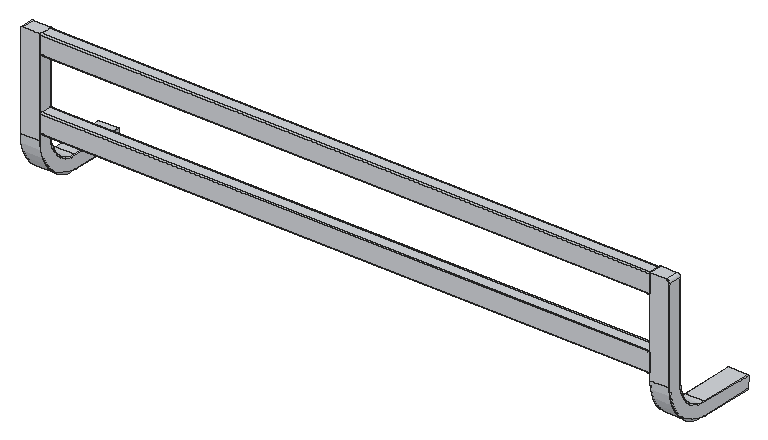
Revit family "Accessory-Towel_Bar-KOHLER-LOURE-K-11582T", category Specialty Equipment, host Face, Revit 2017
Family settings
  Host = Face
  Round Connector Dimension = Use Diameter
  Part Type = Normal
  OmniClass Number = 23.31.25.00
  OmniClass Title = Toilet and Bath Specialties
  Cut with Voids When Loaded = No
  Shared = No
  Room Calculation Point = No
Parameters (values of type "CP-Polished Chrome")
  Width = 5 3/8"  # constant formula
  WaterSense Certified = 1 = 0  # no
  URL = "http://www.kohler.com.cn/en/"
  Type = 1
  Product Page URL = "http://www.kohler.com.cn/product/K-11582T-CP/K-11582T-CP/"
  Product Name = "Loure"  # constant formula
  Product Documentation Link = "http://files.kohler.com.cn/pdfs/loure_acc_ins.pdf"
  Model = if(Type = 1, "K-11582T-CP", if(Type = 2, "K-11582T-2BL", "NA"))  # "K-11582T-CP"
  Material = "Premium Metal Construction"  # constant formula
  Master Format 2014 Name = "Toilet, Bath, and Laundry Accessories"  # constant formula
  Master Format 2014 = "10 28 00"  # constant formula
  Manufacturer Address = "158 Jiangchang 3rd Road Zhabei District Shanghai, 200436 China"  # constant formula
  Manufacturer = "KOHLER Co."  # constant formula
  Length = 24"  # constant formula
  Height = 3 3/4"  # constant formula
  Finish = Kohler-Metal-CP-Polished_Chrome
  Environmental Product Declaration = ""
  Description = "24 "  # constant formula
  Default Elevation = 42"
  Declare Label = ""
  Date Modified = "06/08/2020"  # constant formula
  Date Created = "06/08/2020"  # constant formula
  Copyright = "Copyright KOHLER Co."  # constant formula
  Contact Us = "http://www.kohler.com.cn/en/contact/contact-us/"
  Assembly Code = "C1030200"
  ADA Compliant = 1 = 0  # no
Types (3): name | Type | Product Page URL | Model | Finish
  (no name) | 1 | "http://www.kohler.com.cn/product/K-11582T-CP/K-11582T-CP/" | "K-11582T-CP" | Kohler-Metal-CP-Polished_Chrome
  CP-Polished Chrome | 1 | "http://www.kohler.com.cn/product/K-11582T-CP/K-11582T-CP/" | "K-11582T-CP" | Kohler-Metal-CP-Polished_Chrome
  2BL-Original Black | 2 | "http://www.kohler.com.cn/product/K-11582T-CP/K-11582T-2BL/" | "K-11582T-2BL" | Kohler-Metal-2BL-Original_Black
Reference planes (in)
  plane 1 "Center (Front/Back)": y = 0
  plane 2: z = 0
  plane 3 "Center (Left/Right)": x = 0
  plane 4: x = -12
  plane 5: x = -11.60737
  plane 6: x = -12.37479
  plane 7: x = 12
  plane 8: x = 11.60737
  plane 9: x = 12.37479
  plane 10: y = 3.75
  plane 11: z = 5.375
  plane 12: z = 2.68012
Dimensions and locks (in)
  plane 1 "Center (Front/Back)" to plane 10 = 3 3/4"
  "Length": plane 4 to plane 7
  "Width": plane 11 to level
  "Height": plane 10 to plane 1 "Center (Front/Back)"
  aligned and locked: plane 2 to host face
  aligned and locked: level to host face
Automatic sketch dimensions
  host sketch curve to host sketch curve = 96"  (x2)
Nested families (in)
  nested 1: "K-11582T" at (0, 0, 0), type "K-11582T"
Definition of nested family "K-11582T"
  Parameters (values of type "K-11582T")
    Material = none
    Length = 24.74958"
  Reference planes (in)
    plane 1 "Center (Front/Back)": y = 0
    plane 2: z = 0
    plane 3 "Center (Left/Right)": x = 0
    plane 4: z = 5.375
    plane 5: x = -12
    plane 6: x = 12
    plane 7: y = 3.75
    plane 8: x = -12.37479
    plane 9: x = 12.37479
    plane 10: x = -11.60737
    plane 11: x = 11.60737
    plane 12: z = 0.50394
  Forms (in)
    Sweep 1, solid, material <- "Material", detail levels medium+fine
      path origin (0, 0, 0) x (0, 1, 0) y (0, 0, 1)
        loop
          line (3.75, 0.25197) -> (1.69291, 0.25197)
          arc (1.69291, 0.25197) -> (0.67401, 0.67401) -> (0.25197, 1.69291) r 1.44094
          line (0.25197, 1.69291) -> (0.25197, 5.375)
      profile origin (0, 2.72146, 0.25197) x (0, 0, -1) y (1, 0, 0)
        loop
          line (-0.25195, -11.62817) -> (-0.25195, -12.35439)
          arc (-0.25195, -12.35439) -> (-0.24598, -12.36881) -> (-0.23155, -12.37479) r 0.0204
          line (-0.23155, -12.37479) -> (0.23138, -12.37479)
          arc (0.23138, -12.37479) -> (0.24594, -12.36876) -> (0.25197, -12.3542) r 0.02059
          line (0.25197, -12.3542) -> (0.25197, -11.6273)
          arc (0.25197, -11.6273) -> (0.24613, -11.61321) -> (0.23203, -11.60737) r 0.01994
          line (0.23203, -11.60737) -> (-0.23115, -11.60737)
          arc (-0.23115, -11.60737) -> (-0.24586, -11.61346) -> (-0.25195, -11.62817) r 0.0208
    Extrusion 2, void
      sketch origin (0.03793, 0, -0.0187) x (1, 0, 0) y (0, 0, 1)
        loop
          line (-12.29565, 5.3937) -> (-12.29565, 5.47754) -> (-12.52025, 5.47754) -> (-12.52025, 5.27663) -> (-12.41272, 5.27663)
          arc (-12.41272, 5.27663) -> (-12.37843, 5.35941) -> (-12.29565, 5.3937) r 0.11707
      from -0.5823 to 0.0472
    Sweep 3, solid, material <- "Material", detail levels medium+fine
      path origin (0, 0, 0) x (1, 0, 0) y (0, 1, 0)
        loop
          line (-11.60728, 0.25156) -> (11.60728, 0.25156)
      profile origin (0, 0.25156, 0) x (0, 1, 0) y (0, 0, 1)
        loop
          arc (0.21844, 4.625) -> (0.23965, 4.63379) -> (0.24844, 4.655) r 0.03
          line (0.24844, 4.655) -> (0.24844, 5.345)
          arc (0.24844, 5.345) -> (0.23965, 5.36621) -> (0.21844, 5.375) r 0.03
          line (0.21844, 5.375) -> (-0.22156, 5.375)
          arc (-0.22156, 5.375) -> (-0.24277, 5.36621) -> (-0.25156, 5.345) r 0.03
          line (-0.25156, 5.345) -> (-0.25156, 4.655)
          arc (-0.25156, 4.655) -> (-0.24277, 4.63379) -> (-0.22156, 4.625) r 0.03
          line (-0.22156, 4.625) -> (0.21844, 4.625)
    Sweep 4, solid, material <- "Material", detail levels medium+fine
      path origin (12.00437, 0, 0) x (0, 0, -1) y (0, -1, 0)
        loop
          line (-0.25197, -3.75) -> (-0.25197, -1.69291)
          arc (-0.25197, -1.69291) -> (-0.67401, -0.67401) -> (-1.69291, -0.25197) r 1.44094
          line (-1.69291, -0.25197) -> (-5.375, -0.25197)
      profile origin (12.00437, 2.72146, 0.25197) x (0, 0, -1) y (1, 0, 0)
        loop
          arc (-0.25197, -0.37668) -> (-0.24599, -0.3911) -> (-0.23157, -0.39708) r 0.0204
          line (-0.23157, -0.39708) -> (0.23209, -0.39708)
          arc (0.23209, -0.39708) -> (0.24613, -0.39126) -> (0.25195, -0.37722) r 0.01986
          line (0.25195, -0.37722) -> (0.25195, 0.35082)
          arc (0.25195, 0.35082) -> (0.24621, 0.36468) -> (0.23235, 0.37042) r 0.0196
          line (0.23235, 0.37042) -> (-0.2319, 0.37042)
          arc (-0.2319, 0.37042) -> (-0.24609, 0.36454) -> (-0.25197, 0.35035) r 0.02007
          line (-0.25197, 0.35035) -> (-0.25197, -0.37668)
    Extrusion 5, void
      sketch origin (-0.03793, 0, -0.0187) x (1, 0, 0) y (0, 0, 1)
        loop
          line (12.41272, 5.27608) -> (12.52138, 5.27608) -> (12.52138, 5.49718) -> (12.29509, 5.49718) -> (12.29509, 5.3937)
          arc (12.29509, 5.3937) -> (12.37827, 5.35925) -> (12.41272, 5.27608) r 0.11762
      from -0.60909 to 0.17111
    Sweep 6, solid, material <- "Material", detail levels medium+fine
      path origin (0, 0, -2.71358) x (1, 0, 0) y (0, 1, 0)
        loop
          line (-11.60728, 0.25156) -> (11.60728, 0.25156)
      profile origin (0, 0.25156, -2.71358) x (0, 1, 0) y (0, 0, 1)
        loop
          arc (0.21844, 4.6437) -> (0.23965, 4.65249) -> (0.24844, 4.6737) r 0.03
          line (0.24844, 4.6737) -> (0.24844, 5.3637)
          arc (0.24844, 5.3637) -> (0.23965, 5.38491) -> (0.21844, 5.3937) r 0.03
          line (0.21844, 5.3937) -> (-0.22156, 5.3937)
          arc (-0.22156, 5.3937) -> (-0.24277, 5.38491) -> (-0.25156, 5.3637) r 0.03
          line (-0.25156, 5.3637) -> (-0.25156, 4.6737)
          arc (-0.25156, 4.6737) -> (-0.24277, 4.65249) -> (-0.22156, 4.6437) r 0.03
          line (-0.22156, 4.6437) -> (0.21844, 4.6437)
    Sweep 7, solid, material <- "Material", detail levels coarse
      path origin (0, 0, 0) x (0, 1, 0) y (0, 0, 1)
        loop
          line (3.75, 0.25197) -> (0.25197, 0.25197) -> (0.25197, 5.375)
      profile origin (0, 2.00098, 0.25197) x (0, 0, -1) y (1, 0, 0)
        loop
          line (-0.25197, -12.37479) -> (0.25197, -12.37479) -> (0.25197, -11.60749) -> (-0.25197, -11.60749) -> (-0.25197, -12.37479)
        loop
          line (-0.25197, 11.60728) -> (0.25197, 11.60728) -> (0.25197, 12.37479) -> (-0.25197, 12.37479) -> (-0.25197, 11.60728)
    Sweep 8, solid, material <- "Material", detail levels coarse
      path origin (0, 0, 0) x (1, 0, 0) y (0, 1, 0)
        loop
          line (-11.60749, 0.25) -> (11.60728, 0.25)
      profile origin (-0.00011, 0.25, 0) x (0, 1, 0) y (0, 0, 1)
        loop
          line (-0.25, 2.68012) -> (-0.25, 1.93012) -> (0.25, 1.93012) -> (0.25, 2.68012) -> (-0.25, 2.68012)
        loop
          line (0.25, 4.625) -> (0.25, 5.375) -> (-0.25, 5.375) -> (-0.25, 4.625) -> (0.25, 4.625)
  Cuts and joins
    Extrusion 2 cuts Sweep 1
    Extrusion 5 cuts Sweep 4
    joined: Sweep 1, Sweep 4
    joined: Sweep 3, Sweep 6
    joined: Sweep 7, Sweep 8
  Lines and regions (in)
    Masking region 1
      outline origin (0, 0, 0) x (1, 0, 0) y (0, 0, 1)
        loop
          line (-12.37479, 5.25855) -> (-12.37479, 0) -> (-11.60749, 0) -> (-11.60749, 1.93012) -> (11.60728, 1.93012) -> (11.60728, 0) -> (12.37479, 0) -> (12.37479, 5.25855)
          arc (12.37479, 5.25855) -> (12.34068, 5.34089) -> (12.25834, 5.375) r 0.11645
          line (12.25834, 5.375) -> (-12.25834, 5.375)
          arc (-12.25834, 5.375) -> (-12.34068, 5.34089) -> (-12.37479, 5.25855) r 0.11645
        loop
          line (-11.60749, 2.68012) -> (11.60749, 2.68012) -> (11.60749, 4.625) -> (-11.60749, 4.625) -> (-11.60749, 2.68012)
    Masking region 2
      outline origin (0, 0, 0) x (0, 1, 0) y (0, 0, 1)
        loop
          line (3.75, 0) -> (3.75, 0.50394) -> (1.69192, 0.50394)
          arc (1.69192, 0.50394) -> (0.85189, 0.85189) -> (0.50394, 1.69192) r 1.18798
          line (0.50394, 1.69192) -> (0.50394, 5.375) -> (0, 5.375) -> (0, 1.69145)
          arc (0, 1.69145) -> (0.49541, 0.49541) -> (1.69145, 0) r 1.69145
          line (1.69145, 0) -> (3.75, 0)
    Masking region 3
      outline origin (0, 0, 0) x (1, 0, 0) y (0, 1, 0)
        loop
          line (-12.37479, 3.75) -> (-12.37479, 0.02128)
          arc (-12.37479, 0.02128) -> (-12.36856, 0.00623) -> (-12.35351, 0) r 0.02128
          line (-12.35351, 0) -> (12.3545, 0)
          arc (12.3545, 0) -> (12.36885, 0.00594) -> (12.37479, 0.02029) r 0.02029
          line (12.37479, 0.02029) -> (12.37479, 3.75) -> (11.60728, 3.75) -> (11.60728, 0.5) -> (-11.60737, 0.5) -> (-11.60737, 3.75) -> (-12.37479, 3.75)
    symbolic lines, detail levels medium+fine
      curve 1: line (-11.60749, 0, 1.93012) -> (-11.60749, 0, 2.68012)
      curve 2: arc (-11.62769, 0.50394, 0) -> (-11.6134, 0.49802, 0) -> (-11.60747, 0.48372, 0) r 0.02022
      curve 3: line (11.62813, 0.50394, 0) -> (12.35384, 0.50394, 0)
      curve 4: arc (11.62813, 0.50394, 0) -> (11.61339, 0.49783, 0) -> (11.60728, 0.48309, 0) r 0.02084
      curve 5: arc (11.60728, 0.02002, 0) -> (11.61315, 0.00587, 0) -> (11.62731, 0, 0) r 0.02002
      curve 6: line (-11.62769, 0.50394, 0) -> (-12.35423, 0.50394, 0)
      curve 7: line (-11.60747, 0.01788, 0) -> (-11.60747, 0.5001, 0)
      curve 8: arc (-12.37479, 0.48352, 0) -> (-12.36881, 0.49795, 0) -> (-12.35439, 0.50392, 0) r 0.0204
      curve 9: arc (12.35472, 0.50394, 0) -> (12.36891, 0.49806, 0) -> (12.37479, 0.48387, 0) r 0.02007
      curve 10: arc (-11.60747, 0.01788, 0) -> (-11.61395, 0.00513, 0) -> (-11.6273, 0, 0) r 0.01994
      curve 11: line (11.60728, 0.5, 0) -> (11.60728, 0.02002, 0)
      curve 12: line (11.60749, 0, 1.93012) -> (11.60749, 0, 2.68012)
      curve 13: line (0, 0.03, 4.625) -> (0, 0.47, 4.625)
      curve 14: arc (0, 0.03, 4.625) -> (0, 0.00879, 4.63379) -> (0, 0, 4.655) r 0.03
      curve 15: arc (0, 0.47, 4.625) -> (0, 0.49299, 4.63392) -> (0, 0.50394, 4.65601) r 0.03407
      curve 16: line (-11.60749, 0, 4.625) -> (-11.60749, 0, 5.375)
      curve 17: line (11.60749, 0, 4.625) -> (11.60749, 0, 5.375)
  Dimensions and locks (in)
    plane 4 to plane 2 = 5 3/8"
    plane 7 to plane 1 "Center (Front/Back)" = 3 3/4"
    equal spacing: plane 9, plane 3 "Center (Left/Right)", plane 8
    "Length": plane 9 to plane 8
    equal spacing: plane 5, plane 3 "Center (Left/Right)", plane 6
    plane 5 to plane 6 = 24"
    aligned and locked: plane 2 to level
  Automatic sketch dimensions
    plane 4 to Sweep 1 sketch curve = 0"
    Sweep 1 sketch curve to plane 7 = 0"
    level to Sweep 1 sketch curve = 0.25197"
    Sweep 1 sketch curve to plane 1 "Center (Front/Back)" = 1.69291"
    Sweep 1 sketch curve to plane 1 "Center (Front/Back)" = 0.25197"
    Extrusion 2 sketch curve to plane 4 = 0"
    Extrusion 2 sketch curve to plane 8 = 0.10753"
    Extrusion 2 sketch curve to plane 8 = 0"
    plane 8 to Extrusion 2 sketch curve = 0.11707"
    Extrusion 2 sketch curve to plane 4 = 0.08384"
    profile plane to Sweep 3 sketch curve = 0.25156"
    Sweep 3 sketch curve to Sweep 3 sketch curve = 0.03"  (x3)
    Sweep 3 sketch curve to profile plane = 0.21844"  (x2)
    level to Sweep 3 sketch curve = 4 5/8"
    Sweep 3 sketch curve to Sweep 3 sketch curve = 0.69"
    plane 4 to Sweep 4 sketch curve = 0"
    Sweep 4 sketch curve to plane 7 = 0"
    Sweep 4 sketch curve to level = 1.69291"
    Sweep 4 sketch curve to level = 0.25197"
    plane 1 "Center (Front/Back)" to Sweep 4 sketch curve = 1.69291"
    Extrusion 5 sketch curve to plane 4 = 0"
    plane 9 to Extrusion 5 sketch curve = 0.11762"
    Extrusion 5 sketch curve to plane 9 = 0"
    Extrusion 5 sketch curve to Extrusion 5 sketch curve = 0.10866"
    Extrusion 5 sketch curve to plane 4 = 0.10348"
    profile plane to Sweep 6 sketch curve = 0.25156"
    Sweep 6 sketch curve to Sweep 6 sketch curve = 0.03"  (x3)
    Sweep 6 sketch curve to profile plane = 0.21844"  (x2)
    profile plane to Sweep 6 sketch curve = 4.6437"
    Sweep 6 sketch curve to Sweep 6 sketch curve = 0.69"
    Masking region 1 sketch curve to level = 0"  (x2)
    Masking region 1 sketch curve to plane 8 = 0"
    Masking region 1 sketch curve to plane 5 = 0.39251"
    Masking region 1 sketch curve to plane 6 = 0.39272"
    Masking region 1 sketch curve to Masking region 1 sketch curve = 0.11645"
    Masking region 1 sketch curve to Masking region 1 sketch curve = 1.93012"
    Masking region 2 sketch curve to plane 1 "Center (Front/Back)" = 0"
    plane 4 to Masking region 2 sketch curve = 0"
    Masking region 2 sketch curve to level = 0"
    Masking region 2 sketch curve to plane 7 = 0"
    Masking region 2 sketch curve to Masking region 2 sketch curve = 0.50394"
    Masking region 2 sketch curve to Masking region 2 sketch curve = 1 3/16"
    Masking region 2 sketch curve to Masking region 2 sketch curve = 0.00047"
    level to Masking region 2 sketch curve = 0.50394"
    Sweep 3 sketch curve to plane 5 = 0.39272"
    Sweep 3 sketch curve to plane 1 "Center (Front/Back)" = 0.25156"
    Sweep 3 sketch curve to plane 6 = 0.39272"
    Sweep 6 sketch curve to plane 5 = 0.39272"
    Sweep 6 sketch curve to plane 1 "Center (Front/Back)" = 0.25156"
    Sweep 6 sketch curve to plane 6 = 0.39272"
    plane 4 to Sweep 7 sketch curve = 0"
    Sweep 7 sketch curve to plane 7 = 0"
    Sweep 7 sketch curve to plane 1 "Center (Front/Back)" = 0.25197"
    profile plane to Sweep 7 sketch curve = 0.25197"  (x2)
    Sweep 7 sketch curve to profile plane = 0.25197"  (x2)
    Sweep 7 sketch curve to Sweep 7 sketch curve = 0.76729"
    plane 3 "Center (Left/Right)" to Sweep 7 sketch curve = 11.60728"
    plane 9 to Masking region 1 sketch curve = 0"
    Masking region 1 sketch curve to plane 4 = 0"
    plane 8 to Masking region 1 sketch curve = 0.11645"
    profile plane to Sweep 4 sketch curve = 0.25197"
    Sweep 4 sketch curve to Sweep 4 sketch curve = 0.02007"
    Sweep 4 sketch curve to Sweep 4 sketch curve = 0.0204"
    Sweep 4 sketch curve to profile plane = 0.23209"
    Sweep 4 sketch curve to profile plane = 0.23235"
    Sweep 4 sketch curve to Sweep 4 sketch curve = 0.01986"
    Sweep 4 sketch curve to profile plane = 0.39708"
    profile plane to Sweep 4 sketch curve = 0.35035"
    profile plane to Sweep 8 sketch curve = 1/4"  (x2)
    Sweep 8 sketch curve to profile plane = 1/4"  (x2)
    level to Sweep 8 sketch curve = 1.93012"
    Sweep 8 sketch curve to Sweep 8 sketch curve = 3/4"  (x2)
    Sweep 8 sketch curve to Sweep 8 sketch curve = 1.94488"
    profile plane to Sweep 1 sketch curve = 0.25195"
    Sweep 1 sketch curve to Sweep 1 sketch curve = 0.0204"
    Sweep 1 sketch curve to Sweep 1 sketch curve = 0.0208"
    Sweep 1 sketch curve to profile plane = 0.23138"
    Sweep 1 sketch curve to profile plane = 0.23203"
    Sweep 1 sketch curve to Sweep 1 sketch curve = 0.01994"
    Sweep 1 sketch curve to plane 3 "Center (Left/Right)" = 12.37479"
    Sweep 1 sketch curve to Sweep 1 sketch curve = 0.72622"
    Sweep 7 sketch curve to Sweep 7 sketch curve = 0.76751"
    Sweep 7 sketch curve to plane 3 "Center (Left/Right)" = 11.60749"
    Masking region 3 sketch curve to plane 8 = 0"
    plane 1 "Center (Front/Back)" to Masking region 3 sketch curve = 0"
    Masking region 3 sketch curve to plane 7 = 0"  (x2)
    Masking region 3 sketch curve to plane 9 = 0"
    Masking region 3 sketch curve to plane 1 "Center (Front/Back)" = 0.02128"
    Masking region 3 sketch curve to plane 5 = 0.39263"
    Masking region 3 sketch curve to plane 6 = 0.39272"
    Masking region 3 sketch curve to plane 1 "Center (Front/Back)" = 0.02029"
    Masking region 3 sketch curve to plane 1 "Center (Front/Back)" = 1/2"
    Sweep 8 sketch curve to plane 5 = 0.39251"
    Sweep 8 sketch curve to plane 1 "Center (Front/Back)" = 1/4"
    Sweep 8 sketch curve to plane 6 = 0.39272"
    curve 16 to plane 4 = 0"
    curve 17 to plane 4 = 0"
    curve 16 to plane 5 = 0.39251"
    curve 8 to plane 8 = 0"
    plane 1 "Center (Front/Back)" to curve 10 = 0"
    plane 1 "Center (Front/Back)" to curve 5 = 0"
    curve 9 to plane 9 = 0"
    curve 8 to curve 8 = 0.0204"
    curve 6 to plane 5 = 0.37231"
    curve 10 to plane 1 "Center (Front/Back)" = 0.01994"
    curve 10 to plane 5 = 0.3727"
    curve 7 to plane 1 "Center (Front/Back)" = 0.01788"
    curve 11 to plane 1 "Center (Front/Back)" = 0.02002"
    curve 11 to plane 6 = 0.39272"
    curve 4 to curve 4 = 0.02084"
    plane 9 to curve 9 = 0.02007"
    curve 5 to curve 4 = 0.46307"
    curve 8 to plane 1 "Center (Front/Back)" = 0.48352"
    curve 10 to curve 2 = 0.46378"
    curve 9 to curve 3 = 0.02007"
    curve 8 to curve 6 = 0.00016"
    curve 3 to curve 9 = 0.00088"
    curve 4 to curve 11 = 0.01691"
    curve 2 to curve 7 = 0.01638"
    level to Sweep 7 sketch curve = 0.25197"
    curve 14 to plane 1 "Center (Front/Back)" = 0"
    curve 14 to curve 14 = 0.03"
    curve 14 to curve 15 = 0.44"
    plane 4 to curve 13 = 3/4"
    curve 13 to curve 15 = 0.03407"
    curve 15 to curve 15 = 0.03394"
    Masking region 1 sketch curve to plane 11 = 0.00013"
    Masking region 1 sketch curve to Masking region 1 sketch curve = 3/4"
    plane 4 to Masking region 1 sketch curve = 3/4"
    Masking region 1 sketch curve to plane 10 = 0.00013"
    curve 1 to plane 10 = 0.00013"
    curve 17 to plane 11 = 0.00013"
    curve 17 to curve 17 = 3/4"
    curve 12 to plane 11 = 0.00013"
    plane 12 to curve 1 = 2.17618"
    curve 12 to curve 17 = 1.94488"
    curve 1 to curve 1 = 3/4"
    curve 12 to curve 12 = 3/4"
    curve 16 to curve 16 = 3/4"
